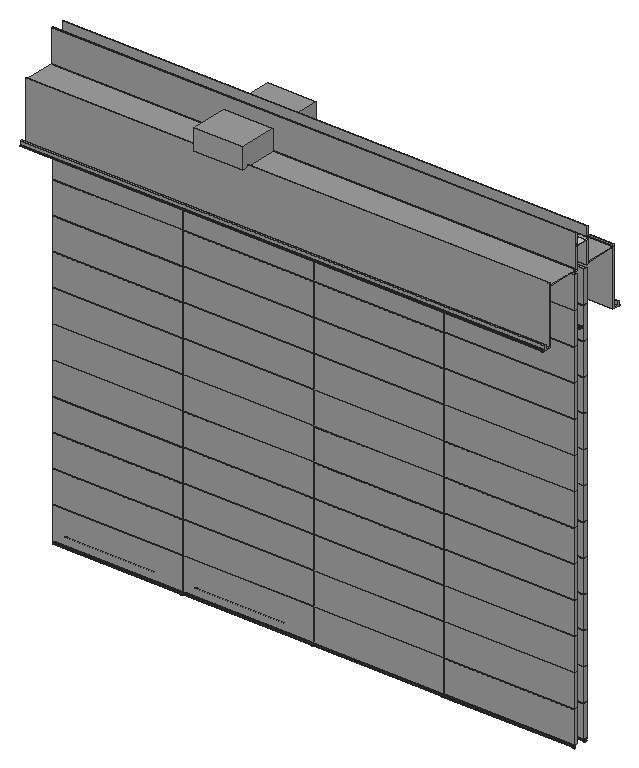
Revit family "Partition-13_Panels_High-Skyfold_Classic_Compact-24-3_to_26-0_FC_7400_to_7925", category Generic Models, host Ceiling, Revit 2026
Family settings
  Host = Ceiling
  Can host rebar = No
  Round Connector Dimension = Use Diameter
  Part Type = Normal
  Always vertical = Yes
  Cut with Voids When Loaded = No
  Maintain Annotation Orientation = No
  Shared = No
  Room Calculation Point = No
Parameters (values of type "24' - 3"")
  Visibility Of Unfold Single Panel [instance] = and(not(Fold), NumberOf Panels < 2)  # no
  Visibility Of Fold Single Panel [instance] = and(Fold, NumberOf Panels < 2)  # no
  Visibility Of Fold Panels [instance] = and(Fold, NumberOf Panels > 1)  # no
  URL = "http://www.skyfold.com/"
  Total Panel Height = ([Panel Height"F"] * 13) + 0' 6 1/2"  # 27' - 4 1/4"
  Pocket Material [instance] = Default
  Panel Array [instance] = if(NumberOf Panels < 3, 2, NumberOf Panels)  # 4
  Panel 9 Material [instance] = Default
  Panel 8 Material [instance] = Default
  Panel 7 Material [instance] = Default
  Panel 6 Material [instance] = Default
  Panel 5 Material [instance] = Default
  Panel 4 Material [instance] = Default
  Panel 3 Material [instance] = Default
  Panel 2 Material [instance] = Default
  Panel 13 Material [instance] = Default
  Panel 12 Material [instance] = Default
  Panel 11 Material [instance] = Default
  Panel 10 Material [instance] = Default
  Panel 1 Material [instance] = Default
  Model = "Compact Drive System"
  Manufacturer = "Skyfold"
  Description = "Custom Powerlift Partitions"
  Default Elevation = 0' - 0"
  Center Pantograph Visibility [instance] = NumberOf Panels > 2  # yes
  Visibility Of Single Pantograph [instance] = and(NumberOf Panels = 2, Total Wall Length > 16' 0")  # no
  Total Wall Length [instance] = 34' - 0"
  Wall Thickness = 0' - 11 3/4"  # constant formula
  Unfold [instance] = and(not(Fold), NumberOf Panels > 1)  # yes
  Pocket Width"E" = 5' - 1 1/4"
  Pocket Depth"D" = 3' - 6 1/4"
  Panel Length [instance] = (Total Wall Length - 0' 2" - (NumberOf Panels - 1) * 0' 0 1/2") / NumberOf Panels  # 8' - 5 1/8"
  Panel Height"F" = 2' - 0 3/4"
  Offset From Ceiling [instance] = 0' - 0"
  PTG [instance] = if(NumberOf Panels < 3, 2, NumberOf Panels - 1)  # 3
  NumberOf Panels [instance] = (Total Wall Length / Max Panel Length) + 0.499  # 4
  Motor Positioning [instance] = if(or(NumberOf Panels = 1, Total Wall Length < 16' 1", NumberOf Panels = 3, NumberOf Panels = 5, NumberOf Panels = 7, NumberOf Panels = 9, NumberOf Panels = 11), (Total Wall Length / 2), (Total Wall Length / 2) - (Panel Length / 2))  # 12' - 9 7/16"
  Max Wall Length [instance] = 100' - 0"  # constant formula
  Max Panel Length [instance] = 10' - 0"  # constant formula
  Height Between Panels [instance] = [Panel Height"F"] + 0' 0 1/2"  # 2' - 1 1/4"
  Fold [instance] = no
  Distance From Acoustic Barrier = 0' - 2"  # constant formula
  Distance Between Panels [instance] = Panel Length + 0' 0 1/2"  # 8' - 5 5/8"
  Finished Ceiling"A" = 24' - 3"
  Top Of Acoustic Barrier [instance] = 30' - 0"
  Assembly Code = ""
  Beam Height"B" = 29' - 2 1/2"
  Acoustic Barrier"C" = 27' - 8 1/4"
Reference planes (in)
  plane 1 "Center (Front/Back)": y = 0
  plane 2 "Ceiling": z = 96
  plane 3 "Center (Left/Right)": x = 0
  plane 4: y = -30.625
  plane 5: y = 30.625
  plane 6: y = -5.875
  plane 7: y = 5.875
  plane 8: x = 408
  plane 9: x = 1
  plane 10: x = 102.625
  plane 11: z = 95.96875
  plane 12: z = 138.21875
  plane 13: z = -195.03125
  plane 14 "Beam height": z = 155.46875
  plane 15 "ouverture": y = -35.68131
  plane 16: x = 153.4375
  plane 17 "boab": z = 135.32812
  plane 18: z = 95.96875
Lines and regions (in)
  Opening 1
    outline origin (0, 3.93322, 96) x (1, 0, 0) y (0, 1, 0)
      loop
        line (0, 31.94178) -> (0, -39.80822) -> (408, -39.80822) -> (408, 31.94178) -> (0, 31.94178)
Dimensions and locks (in)
  equal spacing: host sketch curve, plane 3 "Center (Left/Right)", host sketch curve
  equal spacing: host sketch curve, plane 1 "Center (Front/Back)", host sketch curve
  host sketch curve to host sketch curve = 10' - 0"  (x2)
  plane 2 "Ceiling" to level = 7' - 0"
  equal spacing: plane 4, plane 1 "Center (Front/Back)", plane 5
  "Pocket Width"E"": plane 4 to plane 5
  equal spacing: plane 6, plane 1 "Center (Front/Back)", plane 7
  "Wall Thickness": plane 6 to plane 7
  "Total Wall Length": plane 8 to plane 3 "Center (Left/Right)"
  locked: plane 9 to plane 3 "Center (Left/Right)" at 1
  "Distance Between Panels": plane 10 to plane 9
  locked: plane 2 "Ceiling" to plane 11 at 0.03125
  equal spacing: group 1, group 2, group 7, group 9  (x3)
  equal spacing: group 3, group 4, group 8, group 10  (x3)
  "Finished Ceiling"A"": plane 11 to plane 13
  "Beam Height"B"": plane 14 "Beam height" to plane 13
  locked: nested 8 to plane 3 "Center (Left/Right)" at 32
  locked: plane 8 to nested 9 at 32
  locked: nested 5 to nested 10 at 0.25
  equal spacing: group 5, group 6, group 11  (x3)
  "Distance Between Panels": nested 11 to nested 10
  locked: plane 10 to nested 12 at 0.25
  "Motor Positioning": plane 16 to plane 3 "Center (Left/Right)"
  locked: plane 12 to plane 17 "boab" at 2.89062
  "Offset From Ceiling": plane 11 to plane 18
  "Pocket Depth"D"": plane 12 to plane 18
  aligned and locked: nested 1 to Opening 1 sketch curve
  aligned and locked: Opening 1 sketch curve to plane 8
  aligned and locked: plane 2 "Ceiling" to host ceiling
  aligned and locked: nested 2 to plane 1 "Center (Front/Back)"
  aligned and locked: nested 2 to plane 9
  aligned and locked: Opening 1 sketch curve to nested 1  (x2)
  aligned and locked: nested 1 to plane 3 "Center (Left/Right)"
  aligned and locked: plane 10 to nested 5
  aligned and locked: plane 8 to nested 6
  aligned and locked: plane 3 "Center (Left/Right)" to nested 6
  aligned and locked: nested 13 to plane 1 "Center (Front/Back)"
  aligned and locked: plane 14 "Beam height" to nested 6
  aligned and locked: nested 6 to nested 1
  aligned and locked: plane 14 "Beam height" to nested 8
  aligned and locked: plane 14 "Beam height" to nested 12
  aligned and locked: plane 14 "Beam height" to nested 10
  aligned and locked: plane 14 "Beam height" to nested 11
  aligned and locked: nested 9 to plane 14 "Beam height"
  aligned and locked: nested 14 to plane 1 "Center (Front/Back)"
  aligned and locked: nested 15 to nested 14
  aligned and locked: plane 9 to nested 15
  aligned and locked: nested 16 to nested 14
  aligned and locked: nested 16 to plane 9
  aligned and locked: plane 16 to nested 7
  aligned and locked: plane 14 "Beam height" to nested 7
  aligned and locked: nested 14 to plane 17 "boab"
  aligned and locked: nested 13 to plane 18
  aligned and locked: nested 15 to plane 18
  aligned and locked: nested 3 to plane 18
  aligned and locked: nested 5 to plane 18
  aligned and locked: nested 16 to plane 17 "boab"
  aligned and locked: nested 2 to plane 17 "boab"
  aligned and locked: plane 18 to nested 1
  aligned and locked: nested 4 to nested 5
  aligned and locked: nested 4 to plane 17 "boab"
  aligned and locked: nested 4 to plane 10
  aligned and locked: nested 22 to plane 11
  aligned and locked: plane 5 to nested 22
  aligned and locked: nested 23 to nested 1
  aligned and locked: plane 7 to nested 23
  aligned and locked: nested 24 to plane 14 "Beam height"
  aligned and locked: plane 15 "ouverture" to nested 24
Nested families (in)
  nested 1: "Pocket" at (0, -10.75, 97.27344), Acoustic_Barrier"C" <- "Acoustic Barrier"C"", Total_Wall_Length <- "Total Wall Length", T.O. Acoustic_Barrier <- "Top Of Acoustic Barrier", Beam_Height <- "Beam Height"B"", Pocket Material <- "Pocket Material", type "Pocket"
    with Total_Wall_Length 34' - 0", T.O. Acoustic_Barrier 30' - 0", Pocket Material Default, Motor_Length 2' - 10", Motor_Height 0' - 11 1/2", Beam_Height 29' - 2 1/2", Acoustic_Barrier"C" 27' - 8 1/4", Pocket_Width"E" 5' - 1 1/4", Pocket_Depth"D" 3' - 6 1/4", Finished_Ceiling"A" 24' - 3"
  nested 2: "Groupe_5 panneaux" at (1, 0, -98.09942), panel_length <- "Panel Length", visible <- "Unfold", Total_Panel-Height <- "Total Panel Height", Panel 9 material <- "Panel 9 Material", Panel 8 material <- "Panel 8 Material", Panel 7 material <- "Panel 7 Material", Panel 6 material <- "Panel 6 Material", Panel 5 material <- "Panel 5 Material", Panel 4 material <- "Panel 4 Material", Panel 3 material <- "Panel 3 Material", Panel 2 material <- "Panel 2 Material", Panel 13 material <- "Panel 13 Material", Panel 12 material <- "Panel 12 Material", Panel 11 material <- "Panel 11 Material", Panel 10 material <- "Panel 10 Material", Panel 1 material <- "Panel 1 Material", type "Groupe_5 panneaux"
    with panel_length 8' - 5 1/8", Total_Panel-Height 27' - 4 1/4", Panel 9 material Default, Panel 8 material Default, Panel 7 material Default, Panel 6 material Default, Panel 5 material Default, Panel 4 material Default, Panel 3 material Default, Panel 2 material Default, Panel 13 material Default, Panel 12 material Default, Panel 11 material Default, Panel 10 material Default, Panel 1 material Default, panel_height 2' - 0 3/4", Height_distance_bet_panels 2' - 1 1/4"
  nested 3: "Panneau_hor" at (1, 12.57079, 83.96875), panel_length <- "Panel Length", panel_height <- "Panel Height"F"", visible <- "Visibility Of Fold Panels", Panel_Material <- "Panel 13 Material", type "Panneau_hor"
    with panel_length 8' - 5 1/8", panel_height 2' - 0 3/4", Panel_Material Default
  nested 4: "Groupe_5 panneaux" at (102.625, 0, -98.09942), panel_length <- "Panel Length", visible <- "Unfold", Total_Panel-Height <- "Total Panel Height", Panel 9 material <- "Panel 9 Material", Panel 8 material <- "Panel 8 Material", Panel 7 material <- "Panel 7 Material", Panel 6 material <- "Panel 6 Material", Panel 5 material <- "Panel 5 Material", Panel 4 material <- "Panel 4 Material", Panel 3 material <- "Panel 3 Material", Panel 2 material <- "Panel 2 Material", Panel 13 material <- "Panel 13 Material", Panel 12 material <- "Panel 12 Material", Panel 11 material <- "Panel 11 Material", Panel 10 material <- "Panel 10 Material", Panel 1 material <- "Panel 1 Material", type "Groupe_5 panneaux"
    with panel_length 8' - 5 1/8", Total_Panel-Height 27' - 4 1/4", Panel 9 material Default, Panel 8 material Default, Panel 7 material Default, Panel 6 material Default, Panel 5 material Default, Panel 4 material Default, Panel 3 material Default, Panel 2 material Default, Panel 13 material Default, Panel 12 material Default, Panel 11 material Default, Panel 10 material Default, Panel 1 material Default, panel_height 2' - 0 3/4", Height_distance_bet_panels 2' - 1 1/4"
  nested 5: "Panneau_hor" at (102.625, 12.57079, 83.96875), panel_length <- "Panel Length", panel_height <- "Panel Height"F"", visible <- "Visibility Of Fold Panels", Panel_Material <- "Panel 13 Material", type "Panneau_hor"
    with panel_length 8' - 5 1/8", panel_height 2' - 0 3/4", Panel_Material Default
  nested 6: "Beam" at (0, -10.75, 136.77344), type "Pocket"
    with Total_Wall_Length 34' - 0"
  nested 7: "Motor" at (134.4375, -23, 139.46875), type "LCCD"
  nested 8: "Pantograph" at (54.25, -4, 143.1875) x (0, 1, 0) z (0, 0, 1), type "Pantograph"
  nested 9: "Pantograph" at (398.25, -4, 143.1875) x (0, 1, 0) z (0, 0, 1), type "Pantograph"
  nested 10: "Pantograph" at (124.625, -4, 143.1875) x (0, 1, 0) z (0, 0, 1), visible <- "Center Pantograph Visibility", type "Pantograph"
  nested 11: "Pantograph" at (226.25, -4, 143.1875) x (0, 1, 0) z (0, 0, 1), visible <- "Center Pantograph Visibility", type "Pantograph"
  nested 12: "Pantograph" at (124.625, -4, 143.1875) x (0, 1, 0) z (0, 0, 1), visible <- "Visibility Of Single Pantograph", type "Pantograph"
  nested 13: "2D Fold Panels" at (1, 2.48811, 95.96875) x (0, 1, 0) z (1, 0, 0), visible <- "Fold", Panel_Height <- "Panel Height"F"", type "Fold Panels"
    with Panel_Height 2' - 0 3/4"
  nested 14: "2D Unfold Panels" at (1, -0.75339, 43.32812) x (0, 1, 0) z (1, 0, 0), visible <- "Unfold", type "Unfold Panels"
    with Distance_Between_Panels 2' - 1 1/4"
  nested 15: "Panneau_hor" at (1, 12.57079, 83.96875), panel_length <- "Panel Length", panel_height <- "Panel Height"F"", visible <- "Visibility Of Fold Single Panel", type "Panneau_hor"
    with panel_length 8' - 5 1/8", panel_height 2' - 0 3/4", Panel_Material Default
  nested 16: "Groupe_5 panneaux" at (1, 0, -98.09942), panel_length <- "Panel Length", visible <- "Visibility Of Unfold Single Panel", Total_Panel-Height <- "Total Panel Height", type "Groupe_5 panneaux"
    with panel_length 8' - 5 1/8", Total_Panel-Height 27' - 4 1/4", Panel 9 material none, Panel 8 material none, Panel 7 material none, Panel 6 material none, Panel 5 material none, Panel 4 material none, Panel 3 material none, Panel 2 material none, Panel 13 material none, Panel 12 material none, Panel 11 material none, Panel 10 material none, Panel 1 material none, panel_height 2' - 0 3/4", Height_distance_bet_panels 2' - 1 1/4"
  nested 17: "Groupe_5 panneaux" at (204.25, 0, -98.09942), panel_length <- "Panel Length", visible <- "Unfold", Total_Panel-Height <- "Total Panel Height", Panel 9 material <- "Panel 9 Material", Panel 8 material <- "Panel 8 Material", Panel 7 material <- "Panel 7 Material", Panel 6 material <- "Panel 6 Material", Panel 5 material <- "Panel 5 Material", Panel 4 material <- "Panel 4 Material", Panel 3 material <- "Panel 3 Material", Panel 2 material <- "Panel 2 Material", Panel 13 material <- "Panel 13 Material", Panel 12 material <- "Panel 12 Material", Panel 11 material <- "Panel 11 Material", Panel 10 material <- "Panel 10 Material", Panel 1 material <- "Panel 1 Material", type "Groupe_5 panneaux"
    with panel_length 8' - 5 1/8", Total_Panel-Height 27' - 4 1/4", Panel 9 material Default, Panel 8 material Default, Panel 7 material Default, Panel 6 material Default, Panel 5 material Default, Panel 4 material Default, Panel 3 material Default, Panel 2 material Default, Panel 13 material Default, Panel 12 material Default, Panel 11 material Default, Panel 10 material Default, Panel 1 material Default, panel_height 2' - 0 3/4", Height_distance_bet_panels 2' - 1 1/4"
  nested 18: "Panneau_hor" at (204.25, 12.57079, 83.96875), panel_length <- "Panel Length", panel_height <- "Panel Height"F"", visible <- "Visibility Of Fold Panels", Panel_Material <- "Panel 13 Material", type "Panneau_hor"
    with panel_length 8' - 5 1/8", panel_height 2' - 0 3/4", Panel_Material Default
  nested 19: "Groupe_5 panneaux" at (305.875, 0, -98.09942), panel_length <- "Panel Length", visible <- "Unfold", Total_Panel-Height <- "Total Panel Height", Panel 9 material <- "Panel 9 Material", Panel 8 material <- "Panel 8 Material", Panel 7 material <- "Panel 7 Material", Panel 6 material <- "Panel 6 Material", Panel 5 material <- "Panel 5 Material", Panel 4 material <- "Panel 4 Material", Panel 3 material <- "Panel 3 Material", Panel 2 material <- "Panel 2 Material", Panel 13 material <- "Panel 13 Material", Panel 12 material <- "Panel 12 Material", Panel 11 material <- "Panel 11 Material", Panel 10 material <- "Panel 10 Material", Panel 1 material <- "Panel 1 Material", type "Groupe_5 panneaux"
    with panel_length 8' - 5 1/8", Total_Panel-Height 27' - 4 1/4", Panel 9 material Default, Panel 8 material Default, Panel 7 material Default, Panel 6 material Default, Panel 5 material Default, Panel 4 material Default, Panel 3 material Default, Panel 2 material Default, Panel 13 material Default, Panel 12 material Default, Panel 11 material Default, Panel 10 material Default, Panel 1 material Default, panel_height 2' - 0 3/4", Height_distance_bet_panels 2' - 1 1/4"
  nested 20: "Panneau_hor" at (305.875, 12.57079, 83.96875), panel_length <- "Panel Length", panel_height <- "Panel Height"F"", visible <- "Visibility Of Fold Panels", Panel_Material <- "Panel 13 Material", type "Panneau_hor"
    with panel_length 8' - 5 1/8", panel_height 2' - 0 3/4", Panel_Material Default
  nested 21: "Pantograph" at (327.875, -4, 143.1875) x (0, 1, 0) z (0, 0, 1), visible <- "Center Pantograph Visibility", type "Pantograph"
  nested 22: "Suspended Ceiling Component" at (1, 30.625, 95.96875) x (0, 1, 0) z (1, 0, 0), type "Suspended Ceiling Component"
  nested 23: "construction as per ASTM E557 Component" at (1, 5.875, 162.71875) x (0, 1, 0) z (1, 0, 0), type "construction as per ASTM E557 Component"
  nested 24: "Disclaimer Component" at (1, -35.68131, 155.46875) x (0, 1, 0) z (1, 0, 0), type "Disclaimer Component"
Definition of nested family "Pocket"
  Parameters
    Total_Wall_Length [instance] = 35' - 0"
    T.O. Acoustic_Barrier [instance] = 32' - 0"
    Pocket_Width"E" = 5' - 4 3/4"
    Pocket_Depth"D" = 3' - 7 1/2"
    Pocket Material [instance] = none
    Motor_Length [instance] = 2' - 6 29/128"
    Motor_Height [instance] = 1' - 3"
    Finished_Ceiling"A" = 26' - 0"
    Default Elevation = 0' - 0"
    Assembly Code = ""
    Beam_Height [instance] = 10' - 0"
    Acoustic_Barrier"C" [instance] = 1' - 7 5/8"
  Reference planes (in)
    plane 1 "Center (Front/Back)": y = 10.75
    plane 2: z = 42.19531
    plane 3 "Center (Left/Right)": x = 0
    plane 4: z = -1.30469
    plane 5: y = -21.625
    plane 6: y = 43.125
    plane 7: y = -26.875
    plane 8: y = 48.375
    plane 9: z = 2.32031
    plane 10: y = 4.75
    plane 11: y = 16.75
    plane 12: x = 420
    plane 13: z = -163.30469
    plane 14: z = 71.18777
    plane 15: z = 70.69531
    plane 16: z = -313.30469
    plane 17: x = 12.89513
    plane 18: x = 203.52734
    plane 19: z = -193.30469
    plane 20: z = 43.19531
  Forms (in)
    Extrusion 1, solid, material <- "Pocket Material"
      sketch origin (0, 0, 0) x (0, 1, 0) y (0, 0, 1)
        loop
          line (-26.875, 2.32031) -> (-26.875, -1.30469) -> (-21.625, -1.30469) -> (-21.625, 45.19531) -> (-22.25, 45.19531) -> (-22.25, -0.67969) -> (-26.25, -0.67969) -> (-26.25, 2.32031) -> (-26.875, 2.32031)
        loop
          line (-21.40625, 43.19531) -> (4.53125, 43.19531) -> (4.53125, 43.82031) -> (-21.40625, 43.82031) -> (-21.40625, 43.19531)
      from 0 to 420
    Extrusion 2, solid, material <- "Pocket Material"
      sketch origin (0, 0, 0) x (0, 1, 0) y (0, 0, 1)
        loop
          line (9.75, -1.30469) -> (11.75, -1.30469) -> (11.75, -1.05469) -> (10.875, -1.05469) -> (10.875, 0.69531) -> (10.625, 0.69531) -> (10.625, -1.05469) -> (9.75, -1.05469) -> (9.75, -1.30469)
      from 0 to 420
    Extrusion 3, solid, material <- "Pocket Material"
      sketch origin (0, 0, 0) x (0, 1, 0) y (0, 0, 1)
        loop
          line (4.75, 42.19531) -> (5.75, 42.19531) -> (5.75, 70.69531) -> (4.75, 70.69531) -> (4.75, 42.19531)
      from 0 to 420
    Extrusion 4, solid, material <- "Pocket Material"
      sketch origin (0, 21.5, 0) x (0, -1, 0) y (0, 0, -1)
        loop
          line (4.75, -42.19531) -> (4.75, -70.69531) -> (5.75, -70.69531) -> (5.75, -42.19531) -> (4.75, -42.19531)
      from 0 to 420
    Extrusion 5, solid, material <- "Pocket Material"
      sketch origin (420, 0, 0.01562) x (0, 1, 0) y (0, 0, 1)
        loop
          line (-21.625, 43.88281) -> (-21.625, 43.08594) -> (-20.875, 43.08594) -> (-20.875, 43.17969) -> (-21.53125, 43.17969) -> (-21.53125, 43.88281) -> (-21.625, 43.88281)
      from -420 to 0
    Extrusion 6, solid, material <- "Pocket Material"
      sketch origin (420, -21.98359, 0.03125) x (0, -1, 0) y (0, 0, -1)
        loop
          line (-26.73359, -43.86719) -> (-26.63984, -43.86719) -> (-26.63984, -43.16406) -> (-25.98359, -43.16406) -> (-25.98359, -43.07031) -> (-26.73359, -43.07031) -> (-26.73359, -43.86719)
      from -420 to 0
    Extrusion 7, solid, material <- "Pocket Material"
      sketch origin (420, -57.55768, -19.35805) x (0, -1, 0) y (0, 0, -1)
        loop
          line (-30.68268, -18.75649) -> (-30.58893, -18.75649) -> (-30.58893, -18.05336) -> (-29.93268, -18.05336) -> (-29.93268, -17.95961) -> (-30.68268, -17.95961) -> (-30.68268, -18.75649)
      from -420 to 0
    Extrusion 8, solid, material <- "Pocket Material"
      sketch origin (0, 21.5, 0.125) x (0, -1, 0) y (0, 0, -1)
        loop
          line (-26.875, -2.32031) -> (-26.25, -2.32031) -> (-26.25, 0.67969) -> (-22.25, 0.67969) -> (-22.25, -45.07031) -> (-21.625, -45.07031) -> (-21.625, 1.30469) -> (-26.875, 1.30469) -> (-26.875, -2.32031)
        loop
          line (-21.40625, -43.07031) -> (-21.40625, -43.69531) -> (4.53125, -43.69531) -> (4.53125, -43.07031) -> (-21.40625, -43.07031)
      from 0 to 420
    Extrusion 9, solid, material <- "Pocket Material"
      sketch origin (420, 21.5, 0) x (0, -1, 0) y (0, 0, -1)
        loop
          line (-21.625, -43.89844) -> (-21.53125, -43.89844) -> (-21.53125, -43.19531) -> (-20.875, -43.19531) -> (-20.875, -43.10156) -> (-21.625, -43.10156) -> (-21.625, -43.89844)
      from -420 to 0
    Extrusion 10, solid, material <- "Pocket Material"
      sketch origin (420, 43.48359, 0) x (0, 1, 0) y (0, 0, 1)
        loop
          line (-26.73359, 43.89844) -> (-26.73359, 43.10156) -> (-25.98359, 43.10156) -> (-25.98359, 43.19531) -> (-26.63984, 43.19531) -> (-26.63984, 43.89844) -> (-26.73359, 43.89844)
      from -420 to 0
    Extrusion 11, solid, material <- "Pocket Material"
      sketch origin (420, 79.05768, -19.35805) x (0, 1, 0) y (0, 0, 1)
        loop
          line (-30.68268, 18.75649) -> (-30.68268, 17.95961) -> (-29.93268, 17.95961) -> (-29.93268, 18.05336) -> (-30.58893, 18.05336) -> (-30.58893, 18.75649) -> (-30.68268, 18.75649)
      from -420 to 0
  Lines and regions (in)
    symbolic lines
      curve 1: line (420, -26.25, -0.67969) -> (420, -22.25, -0.67969)
      curve 2: line (420, -26.25, 70.69531) -> (420, -26.25, -0.67969)
      curve 3: line (420, -22.25, 70.69531) -> (420, -26.25, 70.69531)
      curve 4: line (420, -22.25, -0.67969) -> (420, -22.25, 70.69531)
      curve 5: line (420, 47.75, -0.55469) -> (420, 43.75, -0.55469)
      curve 6: line (420, 47.75, 70.69531) -> (420, 47.75, -0.55469)
      curve 7: line (420, 43.75, 70.69531) -> (420, 47.75, 70.69531)
      curve 8: line (420, 43.75, -0.55469) -> (420, 43.75, 70.69531)
      curve 9: line (420, 4.75, 74.44531) -> (420, 1.75, 74.44531)
      curve 10: line (420, 4.75, 46.82031) -> (420, 4.75, 74.44531)
      curve 11: line (420, 1.75, 46.82031) -> (420, 4.75, 46.82031)
      curve 12: line (420, 1.75, 74.44531) -> (420, 1.75, 46.82031)
      curve 13: line (420, -22.25, 66.69531) -> (420, 1.75, 66.69531)
      curve 14: line (420, 1.75, 63.69531) -> (420, -22.25, 63.69531)
      curve 15: line (420, 16.75, 74.44531) -> (420, 19.75, 74.44531)
      curve 16: line (420, 16.75, 46.82031) -> (420, 16.75, 74.44531)
      curve 17: line (420, 19.75, 46.82031) -> (420, 16.75, 46.82031)
      curve 18: line (420, 19.75, 74.44531) -> (420, 19.75, 46.82031)
      curve 19: line (420, 43.75, 66.69531) -> (420, 19.75, 66.69531)
      curve 20: line (420, 19.75, 63.69531) -> (420, 43.75, 63.69531)
      curve 21: line (0, 5.25, 42.19531) -> (0, 5.25, 70.69531)
      curve 22: line (0, 16.25, 70.69531) -> (0, 16.25, 42.19531)
  Dimensions and locks (in)
    locked: plane 7 to plane 5 at 5.25
    locked: plane 9 to plane 4 at 3.625
    locked: plane 6 to plane 8 at 5.25
    plane 10 to plane 1 "Center (Front/Back)" = 0' - 6"
    plane 10 to plane 11 = 1' - 0"
    "Pocket_Width"E"": plane 5 to plane 6
    equal spacing: plane 5, plane 1 "Center (Front/Back)", plane 6
    "Finished_Ceiling"A"": plane 4 to level
    locked: plane 7 to Extrusion 1 sketch curve at 0.625
    locked: Extrusion 1 sketch curve to plane 4 at 0.625
    locked: Extrusion 1 sketch curve to Extrusion 1 sketch curve at 0.625  (x2)
    "Total_Wall_Length": plane 12 to plane 3 "Center (Left/Right)"
    equal spacing: Extrusion 2 sketch curve, plane 1 "Center (Front/Back)", Extrusion 2 sketch curve  (x2)
    locked: Extrusion 2 sketch curve to plane 4 at 2
    locked: Extrusion 2 sketch curve to plane 4 at 0.25
    locked: Extrusion 2 sketch curve to plane 1 "Center (Front/Back)" at 0.125
    locked: Extrusion 1 sketch curve to Extrusion 1 sketch curve at 0.21875
    locked: plane 10 to Extrusion 3 sketch curve at 1
    "Pocket_Depth"D"": plane 2 to plane 4
    locked: plane 13 to plane 16 at 150
    "T.O. Acoustic_Barrier": plane 15 to plane 16
    locked: plane 18 to plane 3 "Center (Left/Right)" at 203.52734
    "Beam_Height": plane 19 to plane 16
    plane 4 to plane 16 = 26' - 0"
    Extrusion 1 to Extrusion 1 to plane 5 = 0' - 0 5/8", 0' - 0"
    locked: Extrusion 1 sketch curve to Extrusion 1 sketch curve at 1.375
    locked: Extrusion 1 sketch curve to plane 10 at 0.21875
    locked: Extrusion 5 sketch curve to Extrusion 5 sketch curve at 0.09375  (x2)
    locked: Extrusion 5 sketch curve to Extrusion 5 sketch curve at 0.79688
    locked: Extrusion 5 sketch curve to Extrusion 5 sketch curve at 0.75
    locked: Extrusion 6 sketch curve to Extrusion 6 sketch curve at 0.09375  (x2)
    locked: Extrusion 6 sketch curve to Extrusion 6 sketch curve at 0.79688
    locked: Extrusion 6 sketch curve to Extrusion 6 sketch curve at 0.75
    locked: Extrusion 7 sketch curve to Extrusion 7 sketch curve at 0.09375  (x2)
    locked: Extrusion 7 sketch curve to Extrusion 7 sketch curve at 0.79688
    locked: Extrusion 7 sketch curve to Extrusion 7 sketch curve at 0.75
    locked: Extrusion 8 sketch curve to Extrusion 8 sketch curve at 0.625
    Extrusion 8 sketch curve to Extrusion 8 sketch curve = 0' - 0 5/8"
    locked: Extrusion 8 sketch curve to Extrusion 8 sketch curve at 0.21875
    Extrusion 8 sketch curve to Extrusion 8 sketch curve = 0' - 1 3/8"
    locked: Extrusion 9 sketch curve to Extrusion 9 sketch curve at 0.09375  (x2)
    locked: Extrusion 9 sketch curve to Extrusion 9 sketch curve at 0.79688
    locked: Extrusion 9 sketch curve to Extrusion 9 sketch curve at 0.75
    locked: Extrusion 10 sketch curve to Extrusion 10 sketch curve at 0.09375  (x2)
    locked: Extrusion 10 sketch curve to Extrusion 10 sketch curve at 0.79688
    locked: Extrusion 10 sketch curve to Extrusion 10 sketch curve at 0.75
    locked: Extrusion 11 sketch curve to Extrusion 11 sketch curve at 0.09375  (x2)
    locked: Extrusion 11 sketch curve to Extrusion 11 sketch curve at 0.79688
    locked: Extrusion 11 sketch curve to Extrusion 11 sketch curve at 0.75
    locked: curve 12 to plane 10 at 3
    curve 11 to Extrusion 1 = 0' - 3"
    locked: curve 11 to curve 9 at 27.625
    locked: curve 14 to curve 13 at 3
    locked: curve 11 to curve 14 at 16.875
    locked: curve 17 to curve 15 at 27.625
    locked: curve 20 to curve 19 at 3
    locked: curve 17 to curve 20 at 16.875
    locked: plane 20 to plane 2 at 1
    aligned and locked: plane 12 to Extrusion 1
    aligned and locked: Extrusion 2 sketch curve to Extrusion 2 sketch curve
    aligned and locked: Extrusion 2 to plane 3 "Center (Left/Right)"
    aligned and locked: plane 12 to Extrusion 2
    aligned and locked: Extrusion 3 sketch curve to plane 2
    aligned and locked: Extrusion 3 sketch curve to plane 10
    aligned and locked: plane 15 to Extrusion 4
    aligned and locked: plane 15 to Extrusion 3
    aligned and locked: plane 12 to Extrusion 3
    aligned and locked: plane 12 to Extrusion 4
    aligned and locked: plane 16 to level
    aligned and locked: curve 1 to Extrusion 1  (x2)
    aligned and locked: curve 4 to Extrusion 1
    aligned and locked: curve 7 to plane 15
    aligned and locked: Extrusion 5 to plane 5
    aligned: plane 2 to Extrusion 5
    aligned and locked: plane 10 to Extrusion 6
    aligned: plane 2 to Extrusion 6
    aligned and locked: plane 7 to Extrusion 7
    aligned and locked: plane 4 to Extrusion 7
    aligned and locked: plane 6 to Extrusion 9
    aligned and locked: plane 4 to Extrusion 11
    aligned and locked: Extrusion 11 to plane 8
    aligned and locked: plane 12 to Extrusion 5
    aligned and locked: plane 12 to Extrusion 6
    aligned and locked: Extrusion 10 to plane 3 "Center (Left/Right)"
    aligned and locked: Extrusion 6 to plane 3 "Center (Left/Right)"
    aligned and locked: Extrusion 5 to plane 3 "Center (Left/Right)"
    aligned and locked: plane 12 to Extrusion 10
    aligned and locked: plane 12 to Extrusion 9
    aligned and locked: Extrusion 9 to plane 3 "Center (Left/Right)"
    aligned and locked: plane 12 to Extrusion 7
    aligned and locked: plane 12 to Extrusion 11
    aligned and locked: Extrusion 7 to plane 3 "Center (Left/Right)"
    aligned and locked: Extrusion 11 to plane 3 "Center (Left/Right)"
    aligned and locked: Extrusion 8 to curve 8
    aligned and locked: curve 6 to Extrusion 8
    aligned and locked: curve 5 to Extrusion 8
    aligned and locked: plane 12 to Extrusion 8
    aligned and locked: Extrusion 1 to plane 3 "Center (Left/Right)"
    aligned and locked: Extrusion 8 to plane 3 "Center (Left/Right)"
    aligned and locked: curve 9 to Extrusion 3
    aligned and locked: curve 9 to curve 15
    aligned and locked: Extrusion 1 sketch curve to plane 20
    aligned and locked: Extrusion 5 to Extrusion 1
    aligned and locked: Extrusion 6 to Extrusion 1
    aligned and locked: Extrusion 8 to Extrusion 1  (x2)
    aligned and locked: Extrusion 1 to Extrusion 8
    aligned and locked: Extrusion 10 to Extrusion 8
    aligned and locked: Extrusion 9 to Extrusion 8
  Automatic sketch dimensions
    Extrusion 1 sketch curve to plane 4 = 0' - 0"
    Extrusion 1 sketch curve to plane 7 = 0' - 0"
    Extrusion 1 sketch curve to plane 5 = 0' - 0"
    Extrusion 1 sketch curve to plane 9 = 0' - 0"
    Extrusion 2 sketch curve to plane 4 = 0' - 0"
    Extrusion 2 sketch curve to Extrusion 2 sketch curve = 0' - 0 7/8"
    Extrusion 3 sketch curve to plane 15 = 0' - 0"
    Extrusion 4 sketch curve to plane 11 = 0' - 0"
    Extrusion 4 sketch curve to plane 15 = 0' - 0"
    Extrusion 4 sketch curve to plane 2 = 0' - 0"
    plane 11 to Extrusion 4 sketch curve = 0' - 1"
    curve 4 to Extrusion 3 = 0' - 0"
    curve 16 to curve 18 = 0' - 3"
    Extrusion 5 sketch curve to Extrusion 3 = 0' - 1"
    Extrusion 3 to Extrusion 5 sketch curve = 2' - 2 3/8"
    Extrusion 6 sketch curve to Extrusion 3 = 0' - 0"
    Extrusion 6 sketch curve to Extrusion 3 = 0' - 1"
    Extrusion 3 to Extrusion 7 sketch curve = 2' - 7 5/8"
    Extrusion 3 to Extrusion 7 sketch curve = 3' - 6 51/64"
    Extrusion 8 sketch curve to plane 4 = 0' - 0 1/8"
    Extrusion 8 sketch curve to plane 8 = 0' - 0"
    Extrusion 8 sketch curve to plane 9 = 0' - 0 1/8"
    Extrusion 8 sketch curve to plane 6 = 0' - 0"
    Extrusion 8 sketch curve to plane 2 = 0' - 1"
    plane 8 to Extrusion 8 sketch curve = 0' - 0 5/8"
    Extrusion 8 sketch curve to plane 11 = 0' - 0 7/32"
    Extrusion 8 sketch curve to plane 4 = 0' - 0 3/4"
    Extrusion 9 sketch curve to Extrusion 3 = 0' - 1"
    Extrusion 3 to Extrusion 9 sketch curve = 3' - 1 3/8"
    Extrusion 10 sketch curve to Extrusion 3 = 0' - 1"
    Extrusion 3 to Extrusion 10 sketch curve = 0' - 11"
    Extrusion 3 to Extrusion 11 sketch curve = 3' - 6 5/8"
    Extrusion 3 to Extrusion 11 sketch curve = 3' - 7 19/32"
    Extrusion 3 to curve 16 = 0' - 11"
    curve 21 to plane 15 = 0' - 0"
    curve 21 to plane 2 = 0' - 0"
    curve 22 to plane 2 = 0' - 0"
    curve 22 to plane 15 = 0' - 0"
    plane 10 to curve 21 = 0' - 0 1/2"
    curve 22 to plane 11 = 0' - 0 1/2"
Definition of nested family "Groupe_5 panneaux"
  Parameters
    panel_length [instance] = 3' - 0"
    panel_height = 2' - 2 1/2"
    folded_width = 0' - 11 3/4"
    Total_Panel-Height [instance] = 9' - 2 3/4"
    Panel 9 material [instance] = none
    Panel 8 material [instance] = none
    Panel 7 material [instance] = none
    Panel 6 material [instance] = none
    Panel 5 material [instance] = none
    Panel 4 material [instance] = none
    Panel 3 material [instance] = none
    Panel 2 material [instance] = none
    Panel 13 material [instance] = none
    Panel 12 material [instance] = none
    Panel 11 material [instance] = none
    Panel 10 material [instance] = none
    Panel 1 material [instance] = none
    Height_distance_bet_panels = panel_height + 0' 0 1/2"  # 2' - 3"
    Default Elevation = 0' - 0"
    Assembly Code = ""
  Reference planes (in)
    plane 1 "Center (Front/Back)": y = 0
    plane 2: z = 0
    plane 3 "Center (Left/Right)": x = 0
    plane 4: y = 5.875
    plane 5: z = 233.42754
    plane 6: y = -5.875
    plane 7: z = 206.42754
    plane 8: x = 36
    plane 9: z = 122.67754
    plane 10: z = 179.42754
    plane 11: z = 152.42754
    plane 12: z = 125.42754
    plane 13: z = 98.42754
    plane 14: z = 71.42754
    plane 15: z = 44.42754
    plane 16: z = 17.42754
    plane 17: z = -9.57246
    plane 18: z = -36.57246
    plane 19: z = -63.57246
    plane 20: z = -90.57246
  Forms (in)
    Extrusion 1, solid
      sketch origin (0, 1.79895, 58.50004) x (0, 1, 0) y (0, 0, 1)
        loop
          line (-6.80477, 62.4974) -> (-7.05382, 63.9275) -> (-6.92395, 63.9275) -> (-6.92395, 64.17752) -> (-7.67395, 64.17752) -> (-7.67395, 63.9275) -> (-7.41508, 63.9275) -> (-7.66413, 62.4974)
          arc (-7.66413, 62.4974) -> (-7.23445, 62.06772) -> (-6.80477, 62.4974) r 0.42968
      from 0 to 36
    Extrusion 2, solid
      sketch origin (0, -1.79895, 58.50004) x (0, -1, 0) y (0, 0, -1)
        loop
          arc (-6.80477, -62.4974) -> (-7.23445, -62.06772) -> (-7.66413, -62.4974) r 0.42968
          line (-7.66413, -62.4974) -> (-7.41508, -63.9275) -> (-7.67395, -63.9275) -> (-7.67395, -64.17752) -> (-6.92395, -64.17752) -> (-6.92395, -63.9275) -> (-7.05382, -63.9275) -> (-6.80477, -62.4974)
      from 0 to 36
  Dimensions and locks (in)
    equal spacing: plane 6, plane 1 "Center (Front/Back)", plane 4
    "folded_width": plane 6 to plane 4
    "panel_length": plane 8 to plane 3 "Center (Left/Right)"
    "Total_Panel-Height": plane 5 to plane 9
    equal spacing: plane 5, plane 7, plane 10, plane 11, plane 12, plane 13, plane 14, plane 15, plane 16, plane 17, plane 18, plane 19, plane 20
    "Height_distance_bet_panels": plane 5 to plane 7
    aligned and locked: plane 4 to nested 1
    aligned and locked: plane 6 to nested 2
    aligned and locked: plane 3 "Center (Left/Right)" to nested 1
    aligned and locked: nested 2 to plane 5  (x2)
    aligned and locked: nested 4 to plane 7  (x2)
    aligned and locked: plane 8 to Extrusion 1
    aligned and locked: Extrusion 1 to plane 3 "Center (Left/Right)"
    aligned and locked: Extrusion 1 to plane 6
    aligned and locked: Extrusion 2 to plane 3 "Center (Left/Right)"
    aligned and locked: plane 8 to Extrusion 2
    aligned and locked: plane 5 to nested 1
    aligned and locked: plane 7 to nested 3
    aligned and locked: nested 6 to plane 10
    aligned and locked: plane 10 to nested 5
    aligned and locked: nested 8 to plane 11
    aligned and locked: plane 11 to nested 7
    aligned and locked: nested 10 to plane 12
    aligned and locked: plane 12 to nested 9
    aligned and locked: nested 12 to plane 13
    aligned and locked: plane 13 to nested 11
    aligned and locked: nested 14 to plane 14
    aligned and locked: plane 14 to nested 13
    aligned and locked: nested 16 to plane 15
    aligned and locked: plane 15 to nested 15
    aligned and locked: nested 18 to plane 16
    aligned and locked: plane 16 to nested 17
    aligned and locked: nested 20 to plane 17
    aligned and locked: plane 17 to nested 19
    aligned and locked: nested 22 to plane 18
    aligned and locked: plane 18 to nested 21
    aligned and locked: nested 24 to plane 19
    aligned and locked: plane 19 to nested 23
    aligned and locked: nested 26 to plane 20
    aligned and locked: plane 20 to nested 25
    aligned and locked: plane 4 to nested 25
    aligned and locked: plane 6 to nested 26
    aligned and locked: plane 4 to nested 23
    aligned and locked: plane 6 to nested 24
    aligned and locked: plane 4 to nested 21
    aligned and locked: plane 6 to nested 22
    aligned and locked: plane 4 to nested 19
    aligned and locked: plane 6 to nested 20
    aligned and locked: plane 4 to nested 17
    aligned and locked: plane 6 to nested 18
    aligned and locked: plane 6 to nested 16
    aligned and locked: plane 4 to nested 15
    aligned and locked: plane 4 to nested 13
    aligned and locked: plane 6 to nested 14
    aligned and locked: plane 4 to nested 11
    aligned and locked: plane 6 to nested 12
    aligned and locked: plane 4 to nested 9
    aligned and locked: plane 6 to nested 10
    aligned and locked: plane 4 to nested 7
    aligned and locked: plane 6 to nested 8
    aligned and locked: plane 4 to nested 5
    aligned and locked: plane 6 to nested 6
    aligned and locked: plane 4 to nested 3
    aligned and locked: plane 6 to nested 4
  Automatic sketch dimensions
    Extrusion 1 sketch curve to plane 6 = 0' - 0"
    plane 6 to Extrusion 1 sketch curve = 0' - 0.00982"
    Extrusion 1 sketch curve to Extrusion 1 sketch curve = 0' - 0.25887"
    Extrusion 1 sketch curve to Extrusion 1 sketch curve = 0' - 0 55/128"
    Extrusion 1 sketch curve to plane 9 = 0' - 0 1/4"  (x2)
    Extrusion 1 sketch curve to Extrusion 1 sketch curve = 0' - 0.36126"
    plane 9 to Extrusion 1 sketch curve = 0' - 0"
    Extrusion 1 sketch curve to Extrusion 1 sketch curve = 0' - 0.12987"
    Extrusion 1 sketch curve to Extrusion 1 sketch curve = 0' - 1.4301"
    Extrusion 2 sketch curve to plane 4 = 0' - 0"
    plane 4 to Extrusion 2 sketch curve = 0' - 0.00982"
    Extrusion 2 sketch curve to Extrusion 2 sketch curve = 0' - 0.25887"
    Extrusion 2 sketch curve to Extrusion 2 sketch curve = 0' - 0 55/128"
    plane 9 to Extrusion 2 sketch curve = 0' - 0 1/4"  (x2)
    Extrusion 2 sketch curve to Extrusion 2 sketch curve = 0' - 0.36126"
    Extrusion 2 sketch curve to plane 9 = 0' - 0"
    Extrusion 2 sketch curve to Extrusion 2 sketch curve = 0' - 0.12987"
    Extrusion 2 sketch curve to Extrusion 2 sketch curve = 0' - 1.4301"
  Nested families (in)
    nested 1: "Panneau_top" at (0, 3.625, 206.92754), panel_height <- "panel_height", panel_length <- "panel_length", Panel_Material <- "Panel 1 material", type "Panneau_top"
      with panel_length 3' - 0", panel_height 2' - 2 1/2", Panel_Material none
    nested 2: "Panneau_top" at (0, -3.625, 206.92754), panel_height <- "panel_height", panel_length <- "panel_length", Panel_Material <- "Panel 1 material", type "Panneau_top"
      with panel_length 3' - 0", panel_height 2' - 2 1/2", Panel_Material none
    nested 3: "Panneau_top" at (0, 3.625, 179.92754), panel_height <- "panel_height", panel_length <- "panel_length", Panel_Material <- "Panel 2 material", type "Panneau_top"
      with panel_length 3' - 0", panel_height 2' - 2 1/2", Panel_Material none
    nested 4: "Panneau_top" at (0, -3.625, 179.92754), panel_height <- "panel_height", panel_length <- "panel_length", Panel_Material <- "Panel 2 material", type "Panneau_top"
      with panel_length 3' - 0", panel_height 2' - 2 1/2", Panel_Material none
    nested 5: "Panneau_top" at (0, 3.625, 152.92754), panel_height <- "panel_height", panel_length <- "panel_length", Panel_Material <- "Panel 3 material", type "Panneau_top"
      with panel_length 3' - 0", panel_height 2' - 2 1/2", Panel_Material none
    nested 6: "Panneau_top" at (0, -3.625, 152.92754), panel_height <- "panel_height", panel_length <- "panel_length", Panel_Material <- "Panel 3 material", type "Panneau_top"
      with panel_length 3' - 0", panel_height 2' - 2 1/2", Panel_Material none
    nested 7: "Panneau_top" at (0, 3.625, 125.92754), panel_height <- "panel_height", panel_length <- "panel_length", Panel_Material <- "Panel 4 material", type "Panneau_top"
      with panel_length 3' - 0", panel_height 2' - 2 1/2", Panel_Material none
    nested 8: "Panneau_top" at (0, -3.625, 125.92754), panel_height <- "panel_height", panel_length <- "panel_length", Panel_Material <- "Panel 4 material", type "Panneau_top"
      with panel_length 3' - 0", panel_height 2' - 2 1/2", Panel_Material none
    nested 9: "Panneau_top" at (0, 3.625, 98.92754), panel_height <- "panel_height", panel_length <- "panel_length", Panel_Material <- "Panel 5 material", type "Panneau_top"
      with panel_length 3' - 0", panel_height 2' - 2 1/2", Panel_Material none
    nested 10: "Panneau_top" at (0, -3.625, 98.92754), panel_height <- "panel_height", panel_length <- "panel_length", Panel_Material <- "Panel 5 material", type "Panneau_top"
      with panel_length 3' - 0", panel_height 2' - 2 1/2", Panel_Material none
    nested 11: "Panneau_top" at (0, 3.625, 71.92754), panel_height <- "panel_height", panel_length <- "panel_length", Panel_Material <- "Panel 6 material", type "Panneau_top"
      with panel_length 3' - 0", panel_height 2' - 2 1/2", Panel_Material none
    nested 12: "Panneau_top" at (0, -3.625, 71.92754), panel_height <- "panel_height", panel_length <- "panel_length", Panel_Material <- "Panel 6 material", type "Panneau_top"
      with panel_length 3' - 0", panel_height 2' - 2 1/2", Panel_Material none
    nested 13: "Panneau_top" at (0, 3.625, 44.92754), panel_height <- "panel_height", panel_length <- "panel_length", Panel_Material <- "Panel 7 material", type "Panneau_top"
      with panel_length 3' - 0", panel_height 2' - 2 1/2", Panel_Material none
    nested 14: "Panneau_top" at (0, -3.625, 44.92754), panel_height <- "panel_height", panel_length <- "panel_length", Panel_Material <- "Panel 7 material", type "Panneau_top"
      with panel_length 3' - 0", panel_height 2' - 2 1/2", Panel_Material none
    nested 15: "Panneau_top" at (0, 3.625, 17.92754), panel_height <- "panel_height", panel_length <- "panel_length", Panel_Material <- "Panel 8 material", type "Panneau_top"
      with panel_length 3' - 0", panel_height 2' - 2 1/2", Panel_Material none
    nested 16: "Panneau_top" at (0, -3.625, 17.92754), panel_height <- "panel_height", panel_length <- "panel_length", Panel_Material <- "Panel 8 material", type "Panneau_top"
      with panel_length 3' - 0", panel_height 2' - 2 1/2", Panel_Material none
    nested 17: "Panneau_top" at (0, 3.625, -9.07246), panel_height <- "panel_height", panel_length <- "panel_length", Panel_Material <- "Panel 9 material", type "Panneau_top"
      with panel_length 3' - 0", panel_height 2' - 2 1/2", Panel_Material none
    nested 18: "Panneau_top" at (0, -3.625, -9.07246), panel_height <- "panel_height", panel_length <- "panel_length", Panel_Material <- "Panel 9 material", type "Panneau_top"
      with panel_length 3' - 0", panel_height 2' - 2 1/2", Panel_Material none
    nested 19: "Panneau_top" at (0, 3.625, -36.07246), panel_height <- "panel_height", panel_length <- "panel_length", Panel_Material <- "Panel 10 material", type "Panneau_top"
      with panel_length 3' - 0", panel_height 2' - 2 1/2", Panel_Material none
    nested 20: "Panneau_top" at (0, -3.625, -36.07246), panel_height <- "panel_height", panel_length <- "panel_length", Panel_Material <- "Panel 10 material", type "Panneau_top"
      with panel_length 3' - 0", panel_height 2' - 2 1/2", Panel_Material none
    nested 21: "Panneau_top" at (0, 3.625, -63.07246), panel_height <- "panel_height", panel_length <- "panel_length", Panel_Material <- "Panel 11 material", type "Panneau_top"
      with panel_length 3' - 0", panel_height 2' - 2 1/2", Panel_Material none
    nested 22: "Panneau_top" at (0, -3.625, -63.07246), panel_height <- "panel_height", panel_length <- "panel_length", Panel_Material <- "Panel 11 material", type "Panneau_top"
      with panel_length 3' - 0", panel_height 2' - 2 1/2", Panel_Material none
    nested 23: "Panneau_top" at (0, 3.625, -90.07246), panel_height <- "panel_height", panel_length <- "panel_length", Panel_Material <- "Panel 12 material", type "Panneau_top"
      with panel_length 3' - 0", panel_height 2' - 2 1/2", Panel_Material none
    nested 24: "Panneau_top" at (0, -3.625, -90.07246), panel_height <- "panel_height", panel_length <- "panel_length", Panel_Material <- "Panel 12 material", type "Panneau_top"
      with panel_length 3' - 0", panel_height 2' - 2 1/2", Panel_Material none
    nested 25: "Panneau_top" at (0, 3.625, -117.07246), panel_height <- "panel_height", panel_length <- "panel_length", Panel_Material <- "Panel 13 material", type "Panneau_top"
      with panel_length 3' - 0", panel_height 2' - 2 1/2", Panel_Material none
    nested 26: "Panneau_top" at (0, -3.625, -117.07246), panel_height <- "panel_height", panel_length <- "panel_length", Panel_Material <- "Panel 13 material", type "Panneau_top"
      with panel_length 3' - 0", panel_height 2' - 2 1/2", Panel_Material none
  Definition of nested family "Panneau_top"
    Parameters
      panel_length [instance] = 4' - 0"
      panel_height [instance] = 4' - 0"
      Panel_Material [instance] = none
      Default Elevation = 0' - 0"
      Assembly Code = ""
    Reference planes (in)
      plane 1 "Center (Front/Back)": y = 0
      plane 2: z = 0
      plane 3 "Center (Left/Right)": x = 0
      plane 4: z = 48
      plane 5: x = 48
    Forms (in)
      Extrusion 1, solid, material <- "Panel_Material"
        sketch origin (0, 1.5, 0) x (0, 1, 0) y (0, 0, 1)
          loop
            line (-1.5, 48) -> (-1.5, 0) -> (0.75, 0) -> (0.75, 48) -> (-1.5, 48)
        from 0 to 48
    Dimensions and locks (in)
      "panel_length": plane 5 to plane 3 "Center (Left/Right)"
      "panel_height": plane 4 to plane 2
      locked: plane 1 "Center (Front/Back)" to Extrusion 1 at 2.25
      aligned and locked: plane 4 to Extrusion 1
      aligned and locked: plane 5 to Extrusion 1
      aligned and locked: Extrusion 1 sketch curve to plane 2
      aligned and locked: plane 1 "Center (Front/Back)" to Extrusion 1
    Automatic sketch dimensions
      Extrusion 1 sketch curve to plane 4 = 0' - 0"
      Extrusion 1 sketch curve to Extrusion 1 sketch curve = 0' - 2 1/4"
      Extrusion 1 sketch curve to plane 1 "Center (Front/Back)" = 0' - 0"
Definition of nested family "Panneau_hor"
  Parameters
    pocket_depth = 3' - 0"
    panel_length [instance] = 4' - 0"
    panel_height [instance] = 3' - 0"
    Panel_Material [instance] = none
    Default Elevation = 0' - 0"
    Assembly Code = ""
  Reference planes (in)
    plane 1 "Center (Front/Back)": y = -12.57079
    plane 2: z = 0
    plane 3 "Center (Left/Right)": x = 0
    plane 4: z = 48
    plane 5: x = 48
    plane 6: y = -15.82079
    plane 7: y = -9.32079
    plane 8: z = 12
    plane 9: y = 26.67921
    plane 10: z = 14.25
    plane 11: y = -51.82079
  Forms (in)
    Extrusion 1, solid, material <- "Panel_Material"
      sketch origin (0, 5.05768, 40.06591) x (0, 0, -1) y (0, 1, 0)
        loop
          line (25.81591, 21.62154) -> (25.81591, -14.37846) -> (28.06591, -14.37846) -> (28.06591, 21.62154) -> (25.81591, 21.62154)
      from 0 to 48
    Extrusion 2, solid, material <- "Panel_Material"
      sketch origin (0, -28.3555, 40.06591) x (0, 0, -1) y (0, 1, 0)
        loop
          line (25.81591, -23.46529) -> (28.06591, -23.46529) -> (28.06591, 12.53471) -> (25.81591, 12.53471) -> (25.81591, -23.46529)
      from 0 to 48
    Extrusion 3, solid
      sketch origin (0, 0, 0) x (0, 1, 0) y (0, 0, 1)
        loop
          line (-13.96908, 12.83522) -> (-15.57077, 12.58617) -> (-15.57077, 12.71604) -> (-15.82079, 12.71604) -> (-15.82079, 12) -> (-15.57077, 12) -> (-15.57077, 12.22491) -> (-13.96908, 11.97586)
          arc (-13.96908, 11.97586) -> (-13.5394, 12.40554) -> (-13.96908, 12.83522) r 0.42968
      from 0 to 48
    Extrusion 4, solid
      sketch origin (0, -25.14157, 0) x (0, -1, 0) y (0, 0, -1)
        loop
          arc (-13.96908, -12.83522) -> (-13.5394, -12.40554) -> (-13.96908, -11.97586) r 0.42968
          line (-13.96908, -11.97586) -> (-15.57077, -12.22491) -> (-15.57077, -12) -> (-15.82079, -12) -> (-15.82079, -12.71604) -> (-15.57077, -12.71604) -> (-15.57077, -12.58617) -> (-13.96908, -12.83522)
      from 0 to 48
  Dimensions and locks (in)
    "panel_length": plane 5 to plane 3 "Center (Left/Right)"
    equal spacing: plane 6, plane 1 "Center (Front/Back)", plane 7
    locked: plane 6 to plane 7 at 6.5
    "pocket_depth": plane 4 to plane 8
    "panel_height": plane 7 to plane 9
    locked: plane 10 to plane 8 at 2.25
    "panel_height": plane 11 to plane 6
    aligned: Extrusion 1 to plane 4
    aligned and locked: plane 5 to Extrusion 1
    aligned and locked: Extrusion 1 to plane 7
    aligned and locked: plane 9 to Extrusion 1
    aligned and locked: Extrusion 1 to plane 8
    aligned and locked: plane 10 to Extrusion 1
    aligned and locked: Extrusion 2 to plane 11
    aligned and locked: plane 5 to Extrusion 2
    aligned and locked: import instance to plane 8
    aligned and locked: import instance to plane 6
    aligned and locked: Extrusion 3 sketch curve to import instance  (x8)
    aligned and locked: Extrusion 4 sketch curve to import instance  (x8)
    aligned and locked: Extrusion 3 to plane 3 "Center (Left/Right)"
    aligned and locked: plane 5 to Extrusion 4
    aligned and locked: plane 5 to Extrusion 3
    aligned and locked: Extrusion 4 to plane 3 "Center (Left/Right)"
  Automatic sketch dimensions
    Extrusion 3 sketch curve to Extrusion 3 sketch curve = 0' - 0.12987"
    Extrusion 1 sketch curve to plane 7 = 0' - 0"
    Extrusion 1 sketch curve to plane 10 = 0' - 0"
    Extrusion 1 sketch curve to plane 8 = 0' - 0"
    Extrusion 1 sketch curve to plane 9 = 0' - 0"
    Extrusion 2 sketch curve to plane 6 = 0' - 0"
    Extrusion 2 sketch curve to plane 10 = 0' - 0"
    Extrusion 2 sketch curve to plane 8 = 0' - 0"
    Extrusion 2 sketch curve to plane 11 = 0' - 0"
    Extrusion 4 sketch curve to Extrusion 4 sketch curve = 0' - 0.12987"
Definition of nested family "Beam"
  Parameters
    Total_Wall_Length [instance] = 4' - 0"
    Default Elevation = 0' - 0"
    Assembly Code = ""
  Reference planes (in)
    plane 1 "Center (Front/Back)": y = 10.75
    plane 2: z = 18.69531
    plane 3 "Center (Left/Right)": x = 0
    plane 4: y = 4.75
    plane 5: y = 16.75
    plane 6: x = 48
    plane 7: z = 46.69531
    plane 8: z = -103.30469
  Forms (in)
    Extrusion 1, solid
      sketch origin (0, 0, 67.39062) x (0, 1, 0) y (0, 0, 1)
        loop
          line (5.75, -48.69531) -> (15.75, -48.69531) -> (15.75, -46.07031) -> (15.375, -46.07031) -> (15.375, -48.32031) -> (6.125, -48.32031) -> (6.125, -46.07031) -> (5.75, -46.07031) -> (5.75, -48.69531)
      from 0 to 48
  Dimensions and locks (in)
    plane 4 to plane 1 "Center (Front/Back)" = 0' - 6"
    plane 4 to plane 5 = 1' - 0"
    "Total_Wall_Length": plane 6 to plane 3 "Center (Left/Right)"
    Extrusion 1 sketch curve to Extrusion 1 sketch curve = 0' - 10"
    Extrusion 1 sketch curve to Extrusion 1 sketch curve = 0' - 9 1/4"
    locked: Extrusion 1 sketch curve to Extrusion 1 sketch curve at 0.375  (x2)
    locked: Extrusion 1 sketch curve to Extrusion 1 sketch curve at 2.625
    aligned and locked: plane 8 to level
    aligned and locked: Extrusion 1 sketch curve to Extrusion 1 sketch curve
    aligned and locked: plane 6 to Extrusion 1
    aligned and locked: Extrusion 1 to plane 3 "Center (Left/Right)"
  Automatic sketch dimensions
    Extrusion 1 sketch curve to plane 2 = 0' - 0"
    Extrusion 1 sketch curve to plane 4 = 0' - 1"
    plane 5 to Extrusion 1 sketch curve = 0' - 1 3/8"
    Extrusion 1 sketch curve to Extrusion 1 sketch curve = 0' - 0 3/8"
Definition of nested family "Motor"
  Parameters
    Motor_Width = 6' - 0"
    Motor_Length = 3' - 2"
    Motor_Height = 1' - 4"
    Default Elevation = 0' - 0"
    Assembly Code = ""
  Reference planes (in)
    plane 1 "Center (Front/Back)": y = 23
    plane 2: z = 0
    plane 3 "Center (Left/Right)": x = 0
    plane 4: y = -13
    plane 5: y = 59
    plane 6: z = 16
    plane 7: x = 38
    plane 8: x = 19
  Forms (in)
    Extrusion 1, solid
      sketch origin (0, 0, 0) x (0, 1, 0) y (0, 0, 1)
        loop
          line (-13, 16) -> (-13, 0) -> (59, 0) -> (59, 16) -> (-13, 16)
      from 0 to 38
  Dimensions and locks (in)
    equal spacing: plane 4, plane 1 "Center (Front/Back)", plane 5
    "Motor_Width": plane 4 to plane 5
    "Motor_Height": plane 6 to plane 2
    "Motor_Length": plane 7 to plane 3 "Center (Left/Right)"
    equal spacing: plane 7, plane 8, plane 3 "Center (Left/Right)"
    aligned and locked: plane 4 to Extrusion 1 sketch curve
    aligned and locked: Extrusion 1 sketch curve to plane 6
    aligned and locked: level to Extrusion 1 sketch curve
    aligned and locked: Extrusion 1 sketch curve to plane 5
    aligned and locked: plane 7 to Extrusion 1
    aligned and locked: nested 1 to plane 1 "Center (Front/Back)"
    aligned and locked: plane 6 to nested 1
  Nested families (in)
    nested 1: "Famille13" at (38, 16.24135, 6.60986) x (0, 1, 0) z (1, 0, 0), type "Famille13"
  Definition of nested family "Famille13"
    Reference planes (in)
      plane 1 "Center (Front/Back)": y = 1.73077
      plane 2: z = 0
      plane 3 "Center (Left/Right)": x = 6.75865
    Dimensions and locks (in)
      equal spacing: import instance, plane 3 "Center (Left/Right)", import instance
      equal spacing: import instance, plane 1 "Center (Front/Back)", import instance
Definition of nested family "Pantograph"
  Parameters
    Default Elevation = 0' - 0"
    Assembly Code = ""
  Reference planes (in)
    plane 1 "Center (Front/Back)": y = 22.25
    plane 2: z = 0
    plane 3 "Center (Left/Right)": x = 0
    plane 4: y = 6
    plane 5: y = 38.5
    plane 6: z = 4.5
    plane 7: x = 8
    plane 8: z = 12.28125
    plane 9: x = 4
  Forms (in)
    Extrusion 1, solid
      sketch origin (0, 0, 0) x (0, 1, 0) y (0, 0, 1)
        loop
          line (6, 4.5) -> (6, 0) -> (38.5, 0) -> (38.5, 4.5) -> (27.75, 4.5) -> (27.75, 12.28125) -> (16.75, 12.28125) -> (16.75, 4.5) -> (6, 4.5)
      from 0 to 8
  Dimensions and locks (in)
    equal spacing: plane 4, plane 1 "Center (Front/Back)", plane 5
    locked: Extrusion 1 sketch curve to Extrusion 1 sketch curve at 11
    equal spacing: Extrusion 1 sketch curve, plane 1 "Center (Front/Back)", Extrusion 1 sketch curve
    locked: plane 6 to plane 2 at 4.5
    locked: plane 8 to plane 2 at 12.28125
    locked: plane 4 to plane 5 at 32.5
    locked: plane 7 to plane 3 "Center (Left/Right)" at 8
    equal spacing: plane 3 "Center (Left/Right)", plane 9, plane 7
    aligned and locked: plane 4 to Extrusion 1 sketch curve
    aligned and locked: Extrusion 1 sketch curve to plane 6
    aligned and locked: level to Extrusion 1 sketch curve
    aligned and locked: Extrusion 1 sketch curve to plane 5
    aligned and locked: plane 7 to Extrusion 1
    aligned and locked: plane 8 to Extrusion 1
  Automatic sketch dimensions
    Extrusion 1 sketch curve to plane 6 = 0' - 0"
    Extrusion 1 sketch curve to Extrusion 1 sketch curve = 0' - 7 25/32"
Definition of nested family "2D Fold Panels"
  Parameters
    Panel_Height [instance] = 1' - 6"
    Assembly Code = ""
  Reference planes (in)
    plane 1 "Center (Front/Back)": y = 0
    plane 2: z = 0
    plane 3 "Center (Left/Right)": x = -2.48811
    plane 4: x = -5.73811
    plane 5: x = 0.76189
    plane 6: x = -23.73811
    plane 7: x = 18.76189
  Lines and regions (in)
    detail lines, in view "Ref. Level"
      curve 1: line (-18.64888, 15.22013, 0) -> (-11.15205, 15.22013, 0)
      curve 2: line (-18.64888, 12.97013, 0) -> (-11.15205, 12.97013, 0)
      curve 3: line (-18.64888, 11.11006, 0) -> (-11.15205, 11.11006, 0)
      curve 4: line (-18.64888, 8.86006, 0) -> (-11.15205, 8.86006, 0)
      curve 5: line (-11.15205, 8.73506, 0) -> (-18.64888, 8.73506, 0)
      curve 6: line (-18.64888, 6.48506, 0) -> (-11.15205, 6.48506, 0)
      curve 7: line (-11.15205, 4.625, 0) -> (-18.64888, 4.625, 0)
      curve 8: line (-18.64888, 2.375, 0) -> (-11.15205, 2.375, 0)
      curve 9: line (-11.15205, 2.25, 0) -> (-18.64888, 2.25, 0)
      curve 10: line (-18.64888, 0, 0) -> (-11.15205, 0, 0)
      curve 11: line (6.17584, 15.22013, 0) -> (13.67267, 15.22013, 0)
      curve 12: line (13.67267, 12.97013, 0) -> (6.17584, 12.97013, 0)
      curve 13: line (6.17584, 11.11006, 0) -> (13.67267, 11.11006, 0)
      curve 14: line (6.17584, 8.86006, 0) -> (13.67267, 8.86006, 0)
      curve 15: line (6.17584, 8.73506, 0) -> (13.67267, 8.73506, 0)
      curve 16: line (13.67267, 6.48506, 0) -> (6.17584, 6.48506, 0)
      curve 17: line (6.17584, 4.625, 0) -> (13.67267, 4.625, 0)
      curve 18: line (13.67267, 2.375, 0) -> (6.17584, 2.375, 0)
      curve 19: line (6.17584, 2.25, 0) -> (13.67267, 2.25, 0)
      curve 20: line (13.67267, 0, 0) -> (6.17584, 0, 0)
      curve 21: line (-18.64888, 21.70519, 0) -> (-11.15205, 21.70519, 0)
      curve 22: line (-11.15205, 19.45519, 0) -> (-18.64888, 19.45519, 0)
      curve 23: line (-18.64888, 17.59513, 0) -> (-11.15205, 17.59513, 0)
      curve 24: line (-11.15205, 15.34513, 0) -> (-18.64888, 15.34513, 0)
      curve 25: line (13.67267, 21.70519, 0) -> (6.17584, 21.70519, 0)
      curve 26: line (6.17584, 19.45519, 0) -> (13.67267, 19.45519, 0)
      curve 27: line (13.67267, 17.59513, 0) -> (6.17584, 17.59513, 0)
      curve 28: line (6.17584, 15.34513, 0) -> (13.67267, 15.34513, 0)
      curve 29: line (-18.64888, 28.19025, 0) -> (-11.15205, 28.19025, 0)
      curve 30: line (-18.64888, 25.94025, 0) -> (-11.15205, 25.94025, 0)
      curve 31: line (-18.64888, 24.08019, 0) -> (-11.15205, 24.08019, 0)
      curve 32: line (-18.64888, 21.83019, 0) -> (-11.15205, 21.83019, 0)
      curve 33: line (13.67267, 28.19025, 0) -> (6.17584, 28.19025, 0)
      curve 34: line (13.67267, 25.94025, 0) -> (6.17584, 25.94025, 0)
      curve 35: line (13.67267, 24.08019, 0) -> (6.17584, 24.08019, 0)
      curve 36: line (13.67267, 21.83019, 0) -> (6.17584, 21.83019, 0)
      curve 37: line (-18.64888, 30.56525, 0) -> (-11.15205, 30.56525, 0)
      curve 38: line (-18.64888, 28.31525, 0) -> (-11.15205, 28.31525, 0)
      curve 39: line (13.67267, 30.56525, 0) -> (6.17584, 30.56525, 0)
      curve 40: line (13.67267, 28.31525, 0) -> (6.17584, 28.31525, 0)
      curve 41: line (-18.64888, 34.67531, 0) -> (-11.15205, 34.67531, 0)
      curve 42: line (-11.15205, 32.42531, 0) -> (-18.64888, 32.42531, 0)
      curve 43: line (6.17584, 34.67531, 0) -> (13.67267, 34.67531, 0)
      curve 44: line (13.67267, 32.42531, 0) -> (6.17584, 32.42531, 0)
      curve 45: line (-18.64888, 41.16038, 0) -> (-11.15205, 41.16038, 0)
      curve 46: line (-11.15205, 38.91038, 0) -> (-18.64888, 38.91038, 0)
      curve 47: line (6.17584, 41.16038, 0) -> (13.67267, 41.16038, 0)
      curve 48: line (13.67267, 38.91038, 0) -> (6.17584, 38.91038, 0)
      curve 49: line (-18.64888, 37.05031, 0) -> (-11.15205, 37.05031, 0)
      curve 50: line (-11.15205, 34.80031, 0) -> (-18.64888, 34.80031, 0)
      curve 51: line (6.17584, 37.05031, 0) -> (13.67267, 37.05031, 0)
      curve 52: line (13.67267, 34.80031, 0) -> (6.17584, 34.80031, 0)
  Dimensions and locks (in)
    equal spacing: plane 4, plane 3 "Center (Left/Right)", plane 5
    locked: plane 4 to plane 5 at 6.5
    "Panel_Height": plane 6 to plane 4
    "Panel_Height": plane 5 to plane 7
    aligned and locked: nested 2 to plane 4
    aligned and locked: nested 4 to plane 5
    aligned and locked: plane 1 "Center (Front/Back)" to nested 1
    aligned and locked: plane 1 "Center (Front/Back)" to nested 2
    aligned and locked: nested 4 to plane 1 "Center (Front/Back)"
    aligned and locked: nested 3 to plane 1 "Center (Front/Back)"
    aligned and locked: plane 6 to nested 1
    aligned and locked: plane 7 to nested 3
  Automatic sketch dimensions
    plane 1 "Center (Front/Back)" to curve 10 = 0' - 0"
    plane 1 "Center (Front/Back)" to curve 20 = 0' - 0"
    plane 6 to curve 1 = 0' - 5.08923"
    plane 6 to curve 45 = 0' - 5.08923"
    curve 2 to curve 1 = 0' - 0"
    curve 24 to curve 1 = 0' - 0"
    curve 3 to curve 2 = 0' - 0"
    curve 23 to curve 24 = 0' - 0"
    curve 4 to curve 3 = 0' - 0"
    curve 22 to curve 23 = 0' - 0"
    curve 21 to curve 22 = 0' - 0"
    curve 5 to curve 4 = 0' - 0"
    curve 6 to curve 5 = 0' - 0"
    curve 30 to curve 21 = 0' - 0"
    curve 31 to curve 30 = 0' - 0"
    curve 7 to curve 6 = 0' - 0"
    curve 8 to curve 7 = 0' - 0"
    curve 46 to curve 45 = 0' - 0"
    curve 32 to curve 21 = 0' - 0"
    curve 9 to curve 8 = 0' - 0"
    curve 10 to curve 9 = 0' - 0"
    plane 6 to curve 42 = 0' - 5.08923"
    curve 38 to curve 30 = 0' - 0"
    curve 49 to curve 46 = 0' - 0"
    curve 50 to curve 49 = 0' - 0"
    curve 37 to curve 42 = 0' - 0"  (x2)
    curve 41 to curve 50 = 0' - 0"
    curve 29 to curve 38 = 0' - 0"
    curve 41 to plane 4 = 0' - 5.41394"
    curve 49 to curve 41 = 0' - 0"
    curve 42 to curve 41 = 0' - 0"
    curve 10 to plane 4 = 0' - 5.41394"
    curve 32 to plane 4 = 0' - 5.41394"
    curve 9 to curve 10 = 0' - 0"
